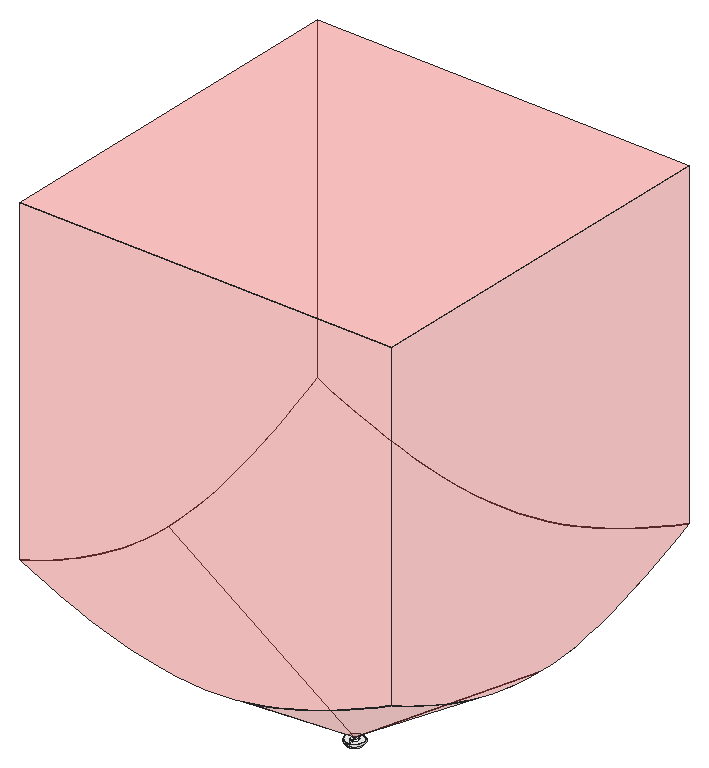
Revit family "Sensor-Lutron-Ceiling-Radio_Powr_Savr-Wireless_Vacancy-LRF2-VCR2B-P-WH", category Lighting Devices, host Face, Revit 2021
Family settings
  Host = Face
  Maintain Annotation Orientation = Yes
  Round Connector Dimension = Use Diameter
  Part Type = Normal
  OmniClass Number = 23.85.80.11.27
  OmniClass Title = Lighting Controls
  Cut with Voids When Loaded = No
  Shared = No
  Room Calculation Point = No
Parameters (values of type "LRF2-VCR2B-P-WH")
  Width = 0' - 3 73/128"  # constant formula
  Warranty URL = "https://www.lutron.com/en-US/Service-Support/Pages/Service/Warranty/Warranty.aspx"
  Voltage Comments = "Operating voltage: 3 V"  # constant formula
  Voltage = 3 V  # constant formula
  Video Link = "https://www.youtube.com/user/LutronElectronicsInc"
  Version = "2021 - v1.0a"  # constant formula
  Support Phone = "(224) 699-9545"  # constant formula
  Support Email = "mailto: support@bimsmith.com"
  Sensor Type = "Vacancy"  # constant formula
  Recommended Mounting Height [instance] = "Recommended for 8–12ft (2.4–3.7m) ceilings"  # constant formula
  Product Page URL = "https://www.lutron.com/en-US/Products/Pages/Sensors/Occupancy-Vacancy/WirelessRadioPowrSavr/Overview.aspx"
  Product Name = "Radio Powr Savr Wireless Vacancy Sensor"  # constant formula
  Product Documentation Link = "https://assets.lutron.com/a/documents/369480_ENG.pdf"
  Performance URL = "https://www.lutron.com/en-US/Service-Support/Pages/Technical/PerfomanceSpecs.aspx"
  Minor Motion Coverage Range = "N/A"  # constant formula
  Minimum Operating Temperature = 32 °F  # constant formula
  Maximum Operating Temperature = 104 °F  # constant formula
  Manufacturer Phone Number = "610-282-3800"  # constant formula
  Manufacturer Fax Number = "610-282-1243"  # constant formula
  Manufacturer Email = "mailto:support@lutron.com"
  Manufacturer Address = "7200 Suter Rd, Coopersburg, PA 18036"  # constant formula
  URL = "http://www.lutron.com"
  Type Comments = ""
  Series = "Radio Powr Savr"  # constant formula
  Sensor Material = Plastic - Lutron - White Gloss
  Model = "LRF2-VCR2B-P-WH"  # constant formula
  Manufacturer = "Lutron Electronics Co., Inc"  # constant formula
  Major Motion Coverage Range = "N/A"  # constant formula
  Major Motion Area Visibility [instance] = yes
  Length = 0' - 3 73/128"  # constant formula
  Keynote = "16500"
  Instruction Sheet Link = "https://assets.lutron.com/a/documents/041754.pdf"
  Infrared Coverage Visibility [instance] = yes
  Finish = Plastic - Lutron - White Gloss
  Field of View = 360.00°  # constant formula
  Description = "Dual Technology Ceiling Mount Occupancy Sensor"  # constant formula
  Depth = 0' - 1 33/256"  # constant formula
  Default Elevation = 0' - 0"
  Coverage Area = "360˚ coverage ranges from 324 ft2 (30.2 m2) to 676 ft2 (62.4 m2), depending on mounting height"  # constant formula
  Coverage = 676.00 SF  # constant formula
  Cost Info = "mailto:sales@lutron.com"
  Cost = 0
  Copyright = "© 2022 Lutron Electronics Co., Inc."  # constant formula
  C CP Right [instance] = 3' - 0"
  C CP Left [instance] = 3' - 0"
  C CP Height [instance] = 8' - 0"
  C CP Front [instance] = 3' - 0"
  C CP Back [instance] = 3' - 0"
  Assembly Code = "D5030800"
Reference planes (in)
  plane 1 "Center (Front/Back)": y = 0
  plane 2: z = 0
  plane 3 "Center (Left/Right)": x = 0
  plane 4: y = 1.78516
  plane 5: y = -1.78516
  plane 6: x = 1.78516
  plane 7: x = -1.78516
  plane 8 "top": z = 1.12891
  plane 9: z = 0.88
  plane 10: x = -36
  plane 11: x = 36
  plane 12: z = 97.12891
  plane 13: y = 36
  plane 14: y = -36
Forms (in)
  Revolve 1, solid, material "Plastic - Lutron - White Gloss" <- "Sensor Material", detail levels medium+fine
    sketch origin (0, 0, 0) x (0, 1, 0) y (0, 0, 1)
      loop
        line (0, 0) -> (0, 1.12891) -> (-0.35326, 1.12891) -> (-0.54098, 1.02909) -> (-0.6836, 0.84309) -> (-0.6836, 0.88) -> (-1.73076, 0.88) -> (-1.76526, 0.8455) -> (-1.78513, 0.56129) -> (-1.29, 0.56129) -> (-1.29, 0) -> (0, 0)
      axis (0, 1.12891) -> (0, 0)
    angle from 0 to 360
  Extrusion 2, solid, material "Plastic - Lutron - White Gloss" <- "Sensor Material", detail levels medium+fine
    sketch origin (0.55649, 0.04687, 0) x (1, 0, 0) y (0, 1, 0)
      loop
        circle (-0.29172, -0.86946) r 0.05409
    from 0.80571 to 0.93139
  Extrusion 3, solid, material "Plastic - Lutron - White Gloss" <- "Sensor Material", detail levels medium+fine
    sketch origin (0, 0.04687, 0) x (1, 0, 0) y (0, 1, 0)
      loop
        circle (-0.29172, -0.86946) r 0.05409
    from 0.80571 to 0.93139
  Revolve 4, solid, material "Plastic - Lutron - White Gloss" <- "Sensor Material", detail levels coarse
    sketch origin (0, 0, 0) x (0, 1, 0) y (0, 0, 1)
      loop
        line (0, 0) -> (0, 1.12891) -> (-0.6836, 1.12891) -> (-0.6836, 0.88) -> (-1.76284, 0.88) -> (-1.78513, 0.56129) -> (-1.29, 0.56129) -> (-1.29, 0) -> (0, 0)
      axis (0, 1.12891) -> (0, 0)
    angle from 0 to 360
Lines and regions (in)
  model lines
    curve 1: line (-0.06509, -0.76849, 0.88) -> (-0.29172, -0.76849, 0.88)
    curve 2: line (-0.06509, -0.87668, 0.88) -> (-0.29172, -0.87668, 0.88)
    curve 3: line (-0.06509, -0.89852, 0.88) -> (-0.29172, -0.89852, 0.88)
    curve 4: line (-0.06509, -0.74665, 0.88) -> (-0.29172, -0.74665, 0.88)
    curve 5: arc (-0.29172, -0.89852, 0.88) -> (-0.36766, -0.82259, 0.88) -> (-0.29172, -0.74665, 0.88) r 0.07594
    curve 6: arc (-0.29172, -0.87668, 0.88) -> (-0.34582, -0.82259, 0.88) -> (-0.29172, -0.76849, 0.88) r 0.05409
    curve 7: line (0.4914, -0.76849, 0.88) -> (0.26477, -0.76849, 0.88)
    curve 8: line (0.4914, -0.87668, 0.88) -> (0.26477, -0.87668, 0.88)
    curve 9: line (0.4914, -0.89852, 0.88) -> (0.26477, -0.89852, 0.88)
    curve 10: line (0.4914, -0.74665, 0.88) -> (0.26477, -0.74665, 0.88)
    curve 11: arc (0.26477, -0.89852, 0.88) -> (0.18883, -0.82259, 0.88) -> (0.26477, -0.74665, 0.88) r 0.07594
    curve 12: arc (0.26477, -0.87668, 0.88) -> (0.21067, -0.82259, 0.88) -> (0.26477, -0.76849, 0.88) r 0.05409
    curve 13: circle (-0.68214, -0.82259, 0.88) r 0.05409 normal (0, 0, 1)
Dimensions and locks (in)
  "Width": plane 4 to plane 5
  equal spacing: plane 4, plane 1 "Center (Front/Back)", plane 5
  "Length": plane 7 to plane 6
  equal spacing: plane 7, plane 3 "Center (Left/Right)", plane 6
  "Depth": plane 8 "top" to host face
  plane 9 to host face = 0' - 0.88"
  "C CP Front": plane 1 "Center (Front/Back)" to plane 14
  "C CP Back": plane 13 to plane 1 "Center (Front/Back)"
  "C CP Height": plane 12 to plane 8 "top"
  "C CP Right": plane 11 to plane 3 "Center (Left/Right)"
  "C CP Left": plane 3 "Center (Left/Right)" to plane 10
  aligned and locked: plane 2 to host face
  aligned and locked: level to host face
  aligned and locked: plane 3 "Center (Left/Right)" to nested 1
  aligned and locked: nested 1 to plane 1 "Center (Front/Back)"
  aligned and locked: nested 1 to plane 8 "top"
Automatic sketch dimensions
  host sketch curve to host sketch curve = 8' - 0"  (x2)
  plane 3 "Center (Left/Right)" to Extrusion 2 sketch curve = 0' - 0.26477"
  plane 1 "Center (Front/Back)" to Extrusion 2 sketch curve = 0' - 0.82259"
  Extrusion 3 sketch curve to plane 3 "Center (Left/Right)" = 0' - 0.29172"
  plane 1 "Center (Front/Back)" to Extrusion 3 sketch curve = 0' - 0.82259"
  curve 5 to curve 6 = 0' - 0"  (x2)
  curve 11 to curve 12 = 0' - 0"  (x2)
  Revolve 1 to curve 7 = 0' - 0.26477"
  curve 6 to Revolve 1 = 0' - 0.29172"
  curve 5 to curve 13 = 0' - 0.39042"
  curve 4 to curve 10 = 0' - 0"
  curve 5 to curve 1 = 0' - 0.02184"
  curve 11 to curve 7 = 0' - 0.02184"
  curve 1 to curve 13 = 0' - 0.05409"
  curve 1 to curve 6 = 0' - 0.05409"
  curve 7 to curve 12 = 0' - 0.05409"
  curve 10 to curve 11 = 0' - 0.22663"
  curve 8 to curve 10 = 0' - 0"
  curve 9 to curve 8 = 0' - 0"
  curve 7 to curve 10 = 0' - 0"
  curve 3 to Revolve 1 = 0' - 0.06509"
  curve 2 to curve 3 = 0' - 0"
  curve 1 to Revolve 1 = 0' - 0.06509"
  curve 4 to curve 1 = 0' - 0"
  Revolve 1 sketch curve to plane 9 = 0' - 0"
  Revolve 1 sketch curve to level = 0' - 0"
  Revolve 1 sketch curve to plane 8 "top" = 0' - 0"
  Revolve 1 sketch curve to plane 1 "Center (Front/Back)" = 0' - 0"  (x2)
  plane 1 "Center (Front/Back)" to Revolve 1 sketch curve = 0' - 0.35326"
  Revolve 1 sketch curve to plane 8 "top" = 0' - 0.09981"
  Revolve 1 sketch curve to Revolve 1 sketch curve = 0' - 0.18772"
  Revolve 1 sketch curve to Revolve 1 sketch curve = 0' - 0.14262"
  plane 5 to Revolve 1 sketch curve = 0' - 0.49516"
  plane 5 to Revolve 1 sketch curve = 0' - 0.05439"
  plane 5 to Revolve 1 sketch curve = 0' - 0.0199"
  plane 5 to Revolve 1 sketch curve = 0' - 0.00003"
  Revolve 1 sketch curve to plane 9 = 0' - 0.31871"
  Revolve 1 sketch curve to plane 9 = 0' - 0.0345"
  Revolve 1 sketch curve to plane 9 = 0' - 0.03691"
  Revolve 1 sketch curve to level = 0' - 0.17381"
  Revolve 1 sketch curve to Revolve 1 sketch curve = 0' - 0.69728"
  Revolve 4 sketch curve to plane 9 = 0' - 0"
  Revolve 4 sketch curve to level = 0' - 0"
  Revolve 4 sketch curve to plane 8 "top" = 0' - 0"
  Revolve 4 sketch curve to plane 1 "Center (Front/Back)" = 0' - 0"  (x2)
  plane 1 "Center (Front/Back)" to Revolve 4 sketch curve = 0' - 0 175/256"
  plane 5 to Revolve 4 sketch curve = 0' - 0.49516"
  plane 5 to Revolve 4 sketch curve = 0' - 0.02231"
  plane 5 to Revolve 4 sketch curve = 0' - 0.00003"
  Revolve 4 sketch curve to plane 9 = 0' - 0.31871"
  Revolve 4 sketch curve to level = 0' - 0.17381"
  Revolve 4 sketch curve to Revolve 4 sketch curve = 0' - 0.69728"
  radius of Extrusion 2 sketch curve = 0' - 0.05409"
  radius of Extrusion 3 sketch curve = 0' - 0.05409"
  radius of curve 13 = 0' - 0.05409"
Nested families (in)
  nested 1: "Nested_PIR Coverage" at (0, 0, 1.12891), CP Cut Height <- "C CP Height", CP Back <- "C CP Back", CP Front <- "C CP Front", CP Left <- "C CP Left", CP Right <- "C CP Right", visible <- "Infrared Coverage Visibility", type "Default"
    with CP Right Safe 3' - 0", CP Right 3' - 0", CP Left Safe 3' - 0", CP Left 3' - 0", CP Front Safe 3' - 0", CP Front 3' - 0", CP Cut Height 8' - 0", CP Back Safe 3' - 0", CP Back 3' - 0", C Cut Height Safe 8' - 0"
Connectors (in)
  electrical at (0, 0, 0)
    settings: on Revolve 1, index 1, voltage 0 V, apparent load 0 VA, apparent load phase1 0 VA, apparent load phase2 0 VA, apparent load phase3 0 VA, power factor 1, load classification "Other", number of poles 1, system type 13, power factor state 1, is connector primary yes, connector utility no, sub classification motor no, connector description "Control Connector"
Definition of nested family "Nested_PIR Coverage"
  Parameters (values of type "Default")
    Start Diameter = 0' - 0.03937"  # constant formula
    Default Elevation = 4' - 0"
    CP Right Safe [instance] = if(and(CP Left = 0' 0", CP Right = 0' 0"), 0' 0 13/128", if(CP Right < 0' 0", 0' 1 51/256", if(CP Right > End Radius, End Radius + 0' 1", CP Right)))  # 6' - 0"
    CP Right [instance] = 6' - 0"
    CP Left Safe [instance] = if(and(CP Left = 0' 0", CP Right = 0' 0"), 0' 0 13/128", if(CP Left < 0' 0", 0' 1 51/256", if(CP Left > End Radius, End Radius + 0' 1", CP Left)))  # 6' - 0"
    CP Left [instance] = 6' - 0"
    CP Front Safe [instance] = if(and(CP Back = 0' 0", CP Front = 0' 0"), 0' 0 13/128", if(CP Front < 0' 0", 0' 1 51/256", if(CP Front > End Radius, End Radius + 0' 1", CP Front)))  # 6' - 0"
    End Radius = 19' - 6 3/256"  # constant formula
    CP Cut Height [instance] = 10' - 0"
    CP Front [instance] = 6' - 0"
    CP Back [instance] = 6' - 0"
    C Cut Height Safe [instance] = if(CP Cut Height < 7' 0", 7' 0", if(CP Cut Height > 13' 0", 13' 0", CP Cut Height))  # 10' - 0"
    CP Back Safe [instance] = if(and(CP Back = 0' 0", CP Front = 0' 0"), 0' 0 13/128", if(CP Back < 0' 0", 0' 0 13/128", if(CP Back > End Radius, End Radius + 0' 1", CP Back)))  # 6' - 0"
  Reference planes (in)
    plane 1 "Center (Front/Back)": y = 0
    plane 2: z = 0
    plane 3 "Center (Left/Right)": x = 0
    plane 4: z = 120
    plane 5: z = 156
    plane 6: y = 72
    plane 7: x = 72
    plane 8: y = -72
    plane 9: x = -72
    plane 10: x = -234.03199
    plane 11: through (0, -60, 0) normal (-0.5546, 0, -0.8321)
  Forms (in)
    Blend 1, solid
      base sketch origin (0, 0, 0) x (1, 0, 0) y (0, 1, 0)
        loop
          circle (0, 0) r 0.01969
      top sketch origin (0, 0, 0) x (1, 0, 0) y (0, 1, 0)
        loop
          circle (0, 0) r 234.01172
      from 0 to 156
    Extrusion 2, void
      sketch origin (0, 0, 0) x (1, 0, 0) y (0, 0, 1)
        loop
          line (-2568, 1056) -> (-2568, 120) -> (3111.1339, 120) -> (3111.1339, 1056) -> (-2568, 1056)
      from -3784.70588 to 3052.89412
    Extrusion 3, void
      sketch origin (0, 0, 0) x (1, 0, 0) y (0, 1, 0)
        loop
          line (-3096, 3480) -> (-3096, -2904) -> (3192, -2904) -> (3192, 3480) -> (-3096, 3480)
        loop
          line (-72, 72) -> (-72, -72) -> (72, -72) -> (72, 72) -> (-72, 72)
      from 0 to 156
  Cuts and joins
    Extrusion 2, Extrusion 3 cuts Blend 1
  Dimensions and locks (in)
    "C Cut Height Safe": plane 4 to level
    "CP Right Safe": plane 3 "Center (Left/Right)" to plane 7
    "CP Left Safe": plane 9 to plane 3 "Center (Left/Right)"
    "CP Back Safe": plane 1 "Center (Front/Back)" to plane 6
    "CP Front Safe": plane 8 to plane 1 "Center (Front/Back)"
    plane 7 to plane 9 = 12' - 0"
    "Start Diameter": diameter of Blend 1 sketch curve
    "End Radius": radius of Blend 1 sketch curve
    aligned and locked: level to plane 2
    aligned and locked: plane 3 "Center (Left/Right)" to Blend 1 sketch curve  (x2)
    aligned and locked: plane 1 "Center (Front/Back)" to Blend 1 sketch curve  (x2)
    aligned and locked: Extrusion 2 sketch curve to plane 4
    aligned and locked: Extrusion 3 sketch curve to plane 6
    aligned and locked: plane 9 to Extrusion 3 sketch curve
    aligned and locked: plane 8 to Extrusion 3 sketch curve
    aligned and locked: Extrusion 3 sketch curve to plane 7
    aligned and locked: Extrusion 3 to plane 5
    aligned and locked: plane 5 to Blend 1
  Automatic sketch dimensions
    plane 7 to Extrusion 2 sketch curve = 253' - 3.1339"
    plane 7 to Extrusion 3 sketch curve = 260' - 0"
    Extrusion 3 sketch curve to plane 8 = 236' - 0"
    plane 6 to Extrusion 3 sketch curve = 284' - 0"
    Extrusion 2 sketch curve to plane 9 = 208' - 0"
    Extrusion 3 sketch curve to plane 9 = 252' - 0"
    plane 5 to Extrusion 2 sketch curve = 75' - 0"
